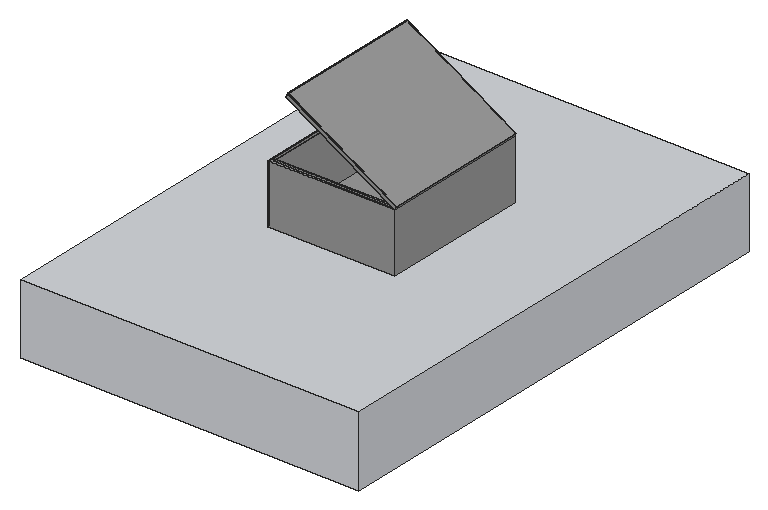
Revit family "Hager-Univers-IP55-D275-H650-Cl.II-Steel_encl-FR-fr", category Equipement électrique, Revit 2020
Family settings
  Hôte = Face
  Configuration du panneau = Deux colonnes, circuits au sein
  Cote de connecteur circulaire = Utiliser le diamètre
  Type d'élément = Tableau de raccordement
  Couper avec des vides une fois chargée = Non
  Partagée = Non
  Point de calcul de pièce = Non
Parameters (values of type "saillie IP55 L550 H650 P275  - FR42S")
  Width Control [instance] = if([EF000008 - largeur] > Min Width, [EF000008 - largeur], Min Width)  # 550 mm
  Commentaires du type = [HG000003 - Gamme]  # "Univers"
  Thickness Door [instance] = if([EF009171 - épaisseur de matériau de la porte/du couvercle] > 3 mm, 3 mm, [EF009171 - épaisseur de matériau de la porte/du couvercle])  # 1.5 mm
  Seal Frame Offset [instance] = 17 mm  # constant formula
  Plinth Visibility [instance] = [HG000027 - Hauteur du socle] > 0 mm  # no
  Model = ""
  Min Width [instance] = 100 mm  # constant formula
  Min Height [instance] = 100 mm  # constant formula
  Min Depth [instance] = (2 * [EF009170 - épaisseur de matériau du boîtier]) + 1 mm  # 4 mm
  Internal Frame Depth [instance] = (Door System Depth * 0.5)  # 9 mm
  Height Control [instance] = if([EF000040 - hauteur] > Min Height, [EF000040 - hauteur], Min Height)  # 650 mm
  HG000027 - Hauteur du socle = 0 mm
  HG000026 - Installation au sol = no
  HG000024 - Hauteur de la section basse = 800 mm
  HG000023 - Armoire double section = no
  HG000016 - Visibilité de la porte 3D [instance] = yes
  HG000015 - Visibilité de l'emprise de la porte [instance] = no
  HG000014 - Porte à droite [instance] = yes
  HG000013 - Porte à gauche [instance] = not([HG000014 - Porte à droite])  # no
  HG000012 - Angle de pivotement de la porte [instance] = 30.00°
  HG000010 - Portes asymétriques = no
  HG000009 - Porte à double battant = no
  HG000006 - Encastré = no
  HG000004 - Référence fabricant = "FR42S"
  HG000003 - Gamme = "Univers"
  HG000002 - avec porte = yes
  Frame Offset Bottom [instance] = 10 mm  # constant formula
  Frame Offset [instance] = 15 mm  # constant formula
  EF015940 - couvercle avec décharge de pression = no
  EF011959 - degré de protection (NEMA) = ""
  EF009554 - nombre d'ouvertures pour plaques à bride = 4
  Fabricant = "Hager"  # constant formula
  EF009212 - finition du couvercle = "EV000116 - fermé"
  EF009171 - épaisseur de matériau de la porte/du couvercle = 1.5 mm
  EF009170 - épaisseur de matériau du boîtier = 1.5 mm
  EF008873 - courant nominal (In) = 800 A
  EF007800 - adapté à un parafoudre = no
  EF006306 - avec serrure = no
  EF006244 - couvercle/porte transparent(e) = no
  EF005474 - indice de protection (IP) = "EV006420 - IP55"
  EF004464 - type de porte = "EV002646 - unique"
  EF004427 - nombre de modules = 96
  EF004293 - indice de protection contre les chocs (IK) = "EV008784 - IK10"
  EF003532 - convient pour utilisation à l’extérieur = no
  EF002950 - largeur en nombre de modules = 24
  EF001613 - maintien de fonction = "EV000494 - sans"
  EF001596 - matériau du boîtier/corps = "EV000179 - acier"
  EF001131 - profondeur intérieure = 275 mm
  EF001088 - possibilité de montage en saillie = yes
  EF000437 - nombre d'entrées de conduit = 4
  EF000339 - type de capot = "EV004216 - porte"
  EF000266 - nombre de rangées = 4
  EF000218 - profondeur d'encastrement = 0 mm
  EF000118 - avec cadre/support de montage = no
  EF000116 - numéro RAL = "7035"
  EF000049 - profondeur = 275 mm
  EF000040 - hauteur = 650 mm
  EF000008 - largeur = 550 mm
  EF000007 - couleur = "EV000270 - gris"
  EF000003 - mode de pose = "EV000384 - saillie"
  Door System Leaf Tolerance [instance] = 1.5 mm  # constant formula
  Door System Depth [instance] = 18 mm  # constant formula
  Door Height [instance] = Height Control - [HG000027 - Hauteur du socle]  # 650 mm
  Depth Control [instance] = if([EF000049 - profondeur] > Min Depth, [EF000049 - profondeur], Min Depth)  # 275 mm
  Default Elevation = 0 mm
  Connector Offset [instance] = Height Control / 2  # 325 mm
  Bottom Top Plate Trim [instance] = 1.5 mm  # constant formula
  Plinth height Ctrl [instance] = if([HG000027 - Hauteur du socle] > 0 mm, [HG000027 - Hauteur du socle], 12 mm)  # 12 mm
Reference planes
  plane 1 "Center (Front/Back)": y = 0
  plane 2: z = 0
  plane 3 "Center (Left/Right)": x = 0
  plane 4: z = 275
  plane 5: y = 1.5
  plane 6: y = 325
  plane 7: y = 0
  plane 8: y = 650
  plane 9: z = 0
  plane 10: x = -260
  plane 11: x = 260
  plane 12: x = 258.5
  plane 13: x = -258.5
  plane 14: y = 648.5
  plane 15: x = -258
  plane 16: x = -275
  plane 17: x = 258
  plane 18: x = 275
  plane 19: x = 273.5
  plane 20: x = -273.5
  plane 21: y = 11.5
  plane 22: y = 650
  plane 23: y = 633.5
  plane 24: z = 257
  plane 25: z = 1.5
  plane 26: z = 255.5
  plane 27: z = 273.5
Forms (mm)
  Extrusion 1, solid
    sketch origin (0, 0, 0) x (1, 0, 0) y (0, 1, 0)
      loop
        line (-702.964, 1305) -> (-702.964, -811.445) -> (766.763, -811.445) -> (766.763, 1305) -> (-702.964, 1305)
    from 0 to -304.8
  Extrusion 2, solid, material "Hager_Steel_RAL7035_Light_Grey", visible <- "Plinth Visibility", detail levels medium+fine
    sketch origin (0, 0, 0) x (1, 0, 0) y (0, 1, 0)
      loop
        line (-275, 0) -> (275, 0) -> (275, 12) -> (-275, 12) -> (-275, 0)
    from 0 to 257
  Extrusion 3, solid, material "Hager_Steel_RAL7035_Light_Grey", detail levels medium+fine
    sketch origin (0, 0, 0) x (1, 0, 0) y (0, 1, 0)
      loop
        line (-275, 0) -> (275, 0) -> (275, 650) -> (-275, 650) -> (-275, 0)
    from 0 to 257
  Extrusion 4, void
    sketch origin (0, 0, 0) x (1, 0, 0) y (0, 1, 0)
      loop
        line (-273.5, 1.5) -> (273.5, 1.5) -> (273.5, 648.5) -> (-273.5, 648.5) -> (-273.5, 1.5)
    from 1.5 to 255.5
  Extrusion 5, void
    sketch origin (-381.607, -4572, 257) x (0, -1, 0) y (-1, 0, 0)
      loop
        line (-4583.5, -123.107) -> (-5205.5, -123.107) -> (-5205.5, -640.107) -> (-4583.5, -640.107) -> (-4583.5, -123.107)
    from 0 to 1.5 <- "EF009170 - épaisseur de matériau du boîtier"
  Extrusion 6, solid, material "Hager_Steel_RAL7035_Light_Grey", detail levels fine
    sketch origin (0, 0, 257) x (1, 0, 0) y (0, 1, 0)
      loop
        line (-258.5, 633.5) -> (-258.5, 11.5) -> (258.5, 11.5) -> (258.5, 633.5) -> (-258.5, 633.5)
      loop
        line (-260, 10) -> (260, 10) -> (260, 635) -> (-260, 635) -> (-260, 10)
    from 0 to 9 <- "Internal Frame Depth"
  Extrusion 7, solid, material "Hager_Steel_RAL7035_Light_Grey", detail levels coarse
    sketch origin (0, 0, 0) x (1, 0, 0) y (0, 1, 0)
      loop
        line (-275, 0) -> (275, 0) -> (275, 650) -> (-275, 650) -> (-275, 0)
    from 0 to 275
  Sweep 8, void
    path in 3D
      loop
        line (-275, 12, 0) -> (275, 12, 0) -> (275, 12, 257) -> (-275, 12, 257) -> (-275, 12, 0)
    profile origin (-275, 12, 128.5) x (-1, 0, 0) y (0, -1, 0)
      loop
        line (0, 0) -> (0, 1.5) -> (-1.5, 1.5)
        arc (-1.5, 1.5) -> (-1.061, 0.439) -> (0, 0) r 1.5
Cuts and joins
  Extrusion 4, Extrusion 5 cuts Extrusion 3
  Sweep 8 cuts Extrusion 2
Lines and regions (mm)
  Masking region 1
    outline origin (0, 0, 0) x (1, 0, 0) y (0, 0, 1)
      loop
        line (-275, 275) -> (-275, 0) -> (275, 0) -> (275, 275) -> (-275, 275)
  Masking region 2, detail levels medium+fine
    outline origin (0, 140, 0) x (0, 1, 0) y (0, 0, 1)
      loop
        line (-140, 0) -> (510, 0) -> (510, 257) -> (-140, 257) -> (-140, 0)
  Masking region 3, not visible, detail levels medium+fine
    outline origin (0, 297.922, 0) x (0, 1, 0) y (0, 0, 1)
      loop
        line (38.578, 0) -> (78.578, 0) -> (78.578, 263.5)
        arc (78.578, 263.5) -> (75.649, 270.571) -> (68.578, 273.5) r 10
        line (68.578, 273.5) -> (38.578, 273.5) -> (38.578, 0)
  Masking region 4, detail levels coarse
    outline origin (0, 0, 180) x (0, 1, 0) y (0, 0, 1)
      loop
        line (0, -180) -> (650, -180) -> (650, 95) -> (0, 95) -> (0, -180)
  Masking region 5, visible <- "Plinth Visibility", detail levels medium+fine
    outline origin (0, 52.24, 12.345) x (0, 0, -1) y (0, 1, 0)
      loop
        line (10.845, -40.24) -> (-243.155, -40.24)
        arc (-243.155, -40.24) -> (-243.594, -41.301) -> (-244.655, -41.74) r 1.5
        line (-244.655, -41.74) -> (-244.655, -52.24) -> (12.345, -52.24) -> (12.345, -41.74)
        arc (12.345, -41.74) -> (11.285, -41.301) -> (10.845, -40.24) r 1.5
  Masking region 6, detail levels medium+fine
    outline origin (-381.607, -4572, 257) x (-1, 0, 0) y (0, -1, 0)
      loop
        line (-106.607, -5222) -> (-106.607, -4572) -> (-656.607, -4572) -> (-656.607, -5222) -> (-106.607, -5222)
  Masking region 7, visible <- "Plinth Visibility", detail levels medium+fine
    outline origin (-381.607, -4727, 257) x (-1, 0, 0) y (0, -1, 0)
      loop
        arc (-108.107, -4739) -> (-107.668, -4737.939) -> (-106.607, -4737.5) r 1.5
        line (-106.607, -4737.5) -> (-106.607, -4727) -> (-656.607, -4727) -> (-656.607, -4737.5)
        arc (-656.607, -4737.5) -> (-655.546, -4737.939) -> (-655.107, -4739) r 1.5
        line (-655.107, -4739) -> (-108.107, -4739)
  Masking region 8, detail levels coarse
    outline origin (-442.548, -4669.526, 257) x (-1, 0, 0) y (0, -1, 0)
      loop
        line (-167.548, -5319.526) -> (-167.548, -4669.526) -> (-717.548, -4669.526) -> (-717.548, -5319.526) -> (-167.548, -5319.526)
  sketch lines
    curve 1: line (-275, 12, 257) -> (-275, 12, 0)
    curve 2: line (275, 12, 257) -> (-275, 12, 257)
    curve 3: line (275, 12, 257) -> (275, 12, 0)
    curve 4: line (-275, 12, 0) -> (275, 12, 0)
Dimensions and locks
  "Depth Control": plane 4 to Extrusion 1
  "HG000027 - Hauteur du socle": plane 1 "Center (Front/Back)" to plane 7
  "EF009170 - épaisseur de matériau du boîtier": plane 5 to plane 7
  locked: connector elem to plane 3 "Center (Left/Right)"
  equal spacing: plane 8, plane 6, plane 7
  locked: connector elem to plane 6
  "EF009170 - épaisseur de matériau du boîtier": plane 8 to plane 14
  "EF009170 - épaisseur de matériau du boîtier": plane 10 to plane 13
  "EF009170 - épaisseur de matériau du boîtier": plane 12 to plane 11
  "Frame Offset": plane 20 to plane 13
  "Frame Offset": plane 12 to plane 19
  "EF009170 - épaisseur de matériau du boîtier": plane 16 to plane 20
  "EF009170 - épaisseur de matériau du boîtier": plane 19 to plane 18
  "Seal Frame Offset": plane 16 to plane 15
  "Seal Frame Offset": plane 17 to plane 18
  "Frame Offset Bottom": plane 21 to plane 5
  "Frame Offset": plane 14 to plane 23
  equal spacing: plane 16, plane 3 "Center (Left/Right)", plane 18
  "Width Control": plane 16 to plane 18
  "EF009170 - épaisseur de matériau du boîtier": plane 4 to plane 27
  "EF009170 - épaisseur de matériau du boîtier": plane 24 to plane 26
  "EF009170 - épaisseur de matériau du boîtier": plane 25 to level
  "Door System Depth": plane 4 to plane 24
  "Height Control": plane 1 "Center (Front/Back)" to Extrusion 7 sketch curve
  "Height Control": Masking region 4 sketch curve to plane 1 "Center (Front/Back)"
  "Height Control": plane 1 "Center (Front/Back)" to plane 22
  "Bottom Top Plate Trim": profile plane to Sweep 8 sketch curve
  "Bottom Top Plate Trim": Sweep 8 sketch curve to profile plane
  "Plinth height Ctrl": plane 1 "Center (Front/Back)" to Extrusion 2 sketch curve
  "Plinth height Ctrl": Masking region 5 sketch curve to plane 1 "Center (Front/Back)"
  "Plinth height Ctrl": plane 1 "Center (Front/Back)" to Masking region 7 sketch curve
  "Thickness Door": Extrusion 6 sketch curve to Extrusion 6 sketch curve  (x3)
  "Thickness Door": cut or joined group of Extrusion 3, Extrusion 4, Extrusion 5 to Extrusion 6 sketch curve
  radius of Masking region 3 sketch curve = 10 mm
  "Bottom Top Plate Trim": radius of Masking region 5 sketch curve  (x2)
  "Bottom Top Plate Trim": radius of Sweep 8 sketch curve
  "Bottom Top Plate Trim": radius of Masking region 7 sketch curve  (x2)
  aligned and locked: plane 2 to Extrusion 1
  aligned and locked: level to Extrusion 1
  aligned and locked: level to Masking region 1 sketch curve
  aligned and locked: Masking region 1 sketch curve to plane 18
  aligned and locked: Masking region 1 sketch curve to plane 16
  aligned and locked: plane 7 to Masking region 2 sketch curve
  aligned and locked: level to Masking region 3 sketch curve
  aligned and locked: Masking region 3 sketch curve to plane 27
  aligned and locked: level to Masking region 2 sketch curve
  aligned and locked: plane 1 "Center (Front/Back)" to Extrusion 2 sketch curve
  aligned and locked: Extrusion 3 sketch curve to plane 7
  aligned and locked: plane 16 to Extrusion 3 sketch curve
  aligned and locked: plane 18 to Extrusion 3 sketch curve
  aligned and locked: plane 20 to Extrusion 4 sketch curve
  aligned and locked: plane 19 to Extrusion 4 sketch curve
  aligned and locked: Extrusion 4 sketch curve to plane 5
  aligned and locked: Extrusion 4 to plane 25
  aligned and locked: plane 26 to Extrusion 4
  aligned and locked: plane 24 to Extrusion 3
  aligned and locked: Extrusion 5 sketch curve to plane 21
  aligned and locked: Extrusion 5 sketch curve to plane 13
  aligned and locked: Extrusion 5 sketch curve to plane 12
  aligned and locked: plane 18 to Extrusion 7 sketch curve
  aligned and locked: plane 1 "Center (Front/Back)" to Extrusion 7 sketch curve
  aligned and locked: plane 16 to Extrusion 7 sketch curve
  aligned and locked: plane 4 to Extrusion 7
  aligned and locked: Extrusion 7 to level
  aligned and locked: level to Masking region 4 sketch curve
  aligned and locked: Masking region 4 sketch curve to plane 1 "Center (Front/Back)"
  aligned and locked: Masking region 4 sketch curve to plane 4
  aligned and locked: nested 1 to level
  aligned and locked: nested 1 to plane 16
  aligned and locked: plane 8 to Extrusion 3 sketch curve
  aligned and locked: plane 23 to Extrusion 5 sketch curve
  aligned and locked: plane 14 to Extrusion 4 sketch curve
  aligned and locked: Masking region 2 sketch curve to plane 8
  aligned and locked: level to Masking region 5 sketch curve
  aligned and locked: plane 16 to Extrusion 2 sketch curve
  aligned and locked: plane 18 to Extrusion 2 sketch curve
  aligned and locked: Masking region 5 sketch curve to plane 24
  aligned and locked: Masking region 2 sketch curve to plane 24
  aligned and locked: plane 24 to Extrusion 2
  aligned and locked: profile plane to Sweep 8 sketch curve  (x2)
  aligned and locked: Masking region 6 sketch curve to plane 18
  aligned and locked: Masking region 6 sketch curve to plane 22
  aligned and locked: Masking region 6 sketch curve to plane 16
  aligned and locked: plane 8 to plane 22
  aligned and locked: plane 7 to Masking region 6 sketch curve
  aligned and locked: Masking region 7 sketch curve to plane 16
  aligned and locked: Masking region 7 sketch curve to plane 1 "Center (Front/Back)"
  aligned and locked: Masking region 7 sketch curve to plane 18
  aligned and locked: Masking region 8 sketch curve to plane 1 "Center (Front/Back)"
  aligned and locked: Masking region 8 sketch curve to plane 18
  aligned and locked: Masking region 8 sketch curve to plane 22
  aligned and locked: Masking region 8 sketch curve to plane 16
  aligned and locked: nested 2 to plane 7
  aligned and locked: plane 3 "Center (Left/Right)" to nested 2
  aligned and locked: nested 2 to plane 24
  aligned and locked: Extrusion 6 sketch curve to cut or joined group of Extrusion 3, Extrusion 4, Extrusion 5  (x4)
Automatic sketch dimensions
  Extrusion 1 sketch curve to Extrusion 1 sketch curve = 1469.727 mm
  Extrusion 1 sketch curve to Extrusion 1 sketch curve = 2116.445 mm
  Masking region 1 sketch curve to plane 4 = 0 mm
  plane 6 to Masking region 3 sketch curve = 11.5 mm
  Masking region 3 sketch curve to Masking region 3 sketch curve = 30 mm
  Masking region 5 sketch curve to plane 1 "Center (Front/Back)" = 0 mm
Nested families
  nested 1: "Hager_Enclosure_Symbol" at (-275, 0, 0) x (1, 0, 0) z (0, -1, 0), Height <- "Depth Control", Width <- "Width Control", type "Hager_Enclosure_Symbol"
    with Width_Ctrl 550 mm, Width 550 mm, Height_Ctrl 275 mm, Height 275 mm, A_Width_Int 18.047 mm, A_Width 216.562 mm, A_Height_Ctrl 240.625 mm, A_Height 240.625 mm
  nested 2: "EC000058_Univers_Door" at (0, 0, 257) x (1, 0, 0) z (0, 1, 0), Leaf_Tolerance <- "Door System Leaf Tolerance", Angle <- "HG000012 - Angle de pivotement de la porte", Door_Depth <- "Door System Depth", Door_Left <- "HG000013 - Porte à gauche", Transparent <- "EF006244 - couvercle/porte transparent(e)", Assymetrical <- "HG000010 - Portes asymétriques", Width <- "Width Control", Clearance <- "HG000015 - Visibilité de l'emprise de la porte", Double <- "HG000009 - Porte à double battant", 3d_Door <- "HG000016 - Visibilité de la porte 3D", Lock_Visibility <- "EF006306 - avec serrure", Width_Ctrl <- "Width Control", Door_Right <- "HG000014 - Porte à droite", Door <- "HG000002 - avec porte", Height <- "Door Height", Thickness <- "Thickness Door", type "EC000058_Univers_Door", detail levels medium+fine
    with min_wh 4 mm, Width_Ctrl 550 mm, Width 550 mm, Transparent no, Thickness 1.5 mm, Seal_Material Hager_Rubber, Lock_Visibility no, Lock_Material Hager_Plastic_RAL9005_Jet_Black, Leaf_Width 550 mm, Leaf_Tolerance_External_Sides 0 mm, Leaf_Tolerance 1.5 mm, Leaf_Offset 0 mm, Leaf_Height 647 mm, Leaf_2_Width 550 mm, Leaf_2_Offset 275 mm, Leaf_1_Width 550 mm, Leaf_1_Offset 275 mm, Height_Ctrl 650 mm, Height 650 mm, Glass_Material Hager_Glass, Double_Clearance_Ctrl no, Double no, Door_Right_Ctrl yes, Door_Right yes, Door_Material Hager_Steel_RAL7035_Light_Grey, Door_Left_Ctrl no, Door_Left no, Door_Depth 18 mm, Door yes, Clearance_Material Hager_Clearance, Clearance_Depth 550 mm, Clearance_Ctrl no, Clearance no, Assymetrical no, Angle 30.00°, 3d_Door yes
Connectors
  electrical at (0, 325, 0)
    settings: on plane 9, index 1, voltage 0 V, apparent load 0 VA, apparent load phase1 0 VA, apparent load phase2 0 VA, apparent load phase3 0 VA, power factor 1, load classification "Other", number of poles 1, system type 30, power factor state 1, is connector primary yes, connector utility no, sub classification motor no, connector description ""
Definition of nested family "EC000058_Univers_Door"
  Parameters (values of type "EC000058_Univers_Door")
    min_wh [instance] = (2 * Thickness) + 1 mm  # 11 mm
    Width_Ctrl [instance] = 400 mm
    Width [instance] = 500 mm
    Transparent [instance] = yes
    Thickness [instance] = 5 mm
    Seal_Material [instance] = none
    Lock_Visibility [instance] = yes
    Lock_Material [instance] = none
    Leaf_Width [instance] = if((Width_Ctrl - 2 * Leaf_Tolerance_External_Sides) > 0 mm, (Width_Ctrl - 2 * Leaf_Tolerance_External_Sides), min_wh)  # 400 mm
    Leaf_Tolerance_External_Sides [instance] = 0 mm  # constant formula
    Leaf_Tolerance [instance] = 1.5 mm
    Leaf_Offset [instance] = 0 mm  # constant formula
    Leaf_Height [instance] = if((Height_Ctrl - 2 * Leaf_Tolerance) > 0 mm, (Height_Ctrl - 2 * Leaf_Tolerance), min_wh)  # 497 mm
    Leaf_2_Width [instance] = if(and(and(Double, Assymetrical), Door_Left), (Leaf_Width / 3) - (Leaf_Tolerance / 2), if(and(and(Double, Assymetrical), Door_Right), (Leaf_Width / 3) * 2 - (Leaf_Tolerance / 2), if(and(Double, not(Assymetrical)), (Leaf_Width / 2) - Leaf_Tolerance, Leaf_Width)))  # 400 mm
    Leaf_2_Offset [instance] = if(and(Double, Assymetrical), Leaf_2_Width / 2, if(and(Double, not(Assymetrical)), Leaf_Width / 4, Leaf_Width / 2))  # 200 mm
    Leaf_1_Width [instance] = if(and(and(Double, Assymetrical), Door_Right), (Leaf_Width / 3) - (Leaf_Tolerance / 2), if(and(and(Double, Assymetrical), Door_Left), (Width / 3) * 2 - (Leaf_Tolerance / 2), if(and(Double, not(Assymetrical)), (Leaf_Width / 2) - Leaf_Tolerance, Leaf_Width)))  # 400 mm
    Leaf_1_Offset [instance] = if(and(Double, Assymetrical), Leaf_1_Width / 2, if(and(Double, not(Assymetrical)), Leaf_Width / 4, Leaf_Width / 2))  # 200 mm
    Height_Ctrl [instance] = if(Height > min_wh, Height, min_wh)  # 500 mm
    Height [instance] = 500 mm
    Glass_Material [instance] = none
    Double_Clearance_Ctrl [instance] = and(Double, Clearance)  # no
    Double [instance] = no
    Door_Right_Ctrl [instance] = and(or(Door_Right, Double), Door)  # yes
    Door_Right [instance] = yes
    Door_Material [instance] = none
    Door_Left_Ctrl [instance] = and(or(Door_Left, Double), Door)  # no
    Door_Left [instance] = no
    Door_Depth [instance] = 30 mm
    Door [instance] = yes
    Default Elevation = 1219.2 mm
    Clearance_Material [instance] = none
    Clearance_Depth [instance] = if(Leaf_1_Width > Leaf_2_Width, Leaf_1_Width, Leaf_2_Width)  # 400 mm
    Clearance_Ctrl [instance] = and(not(Double), Clearance)  # yes
    Clearance [instance] = yes
    Assymetrical [instance] = yes
    Angle [instance] = 30.00°
    3d_Door [instance] = yes
  Reference planes
    plane 1 "Center (Front/Back)": y = 0
    plane 2 "Bottom": z = 0
    plane 3 "Center (Left/Right)": x = 0
    plane 4: z = 500
    plane 5: x = -200
    plane 6: x = 200
    plane 7: z = 500
    plane 8: x = -200
    plane 9: z = 0
    plane 10: x = 200
    plane 11: y = 0
    plane 12: z = 1.5
    plane 13: x = -600
    plane 14: y = -400
    plane 15: x = 600
    plane 16: x = 0
    plane 17: x = 0
    plane 18: x = -200
    plane 19: x = 200
    plane 20: z = 498.5
  Forms (mm)
    Extrusion 1, solid, material <- "Clearance_Material", visible <- "Double_Clearance_Ctrl"
      sketch origin (1200, 0, 0) x (1, 0, 0) y (0, 0, -1)
        loop
          line (-1800, -498.5) -> (-600, -498.5) -> (-600, 0) -> (-1800, 0) -> (-1800, -498.5)
      from 0 to -400
  Dimensions and locks
    equal spacing: plane 5, plane 3 "Center (Left/Right)", plane 6
    "Width_Ctrl": plane 5 to plane 6
    "Leaf_Offset": plane 5 to plane 8
    "Leaf_Offset": plane 6 to plane 10
    "Leaf_Offset": plane 9 to level
    "Leaf_Offset": plane 4 to plane 7
    "Height_Ctrl": plane 4 to level
    "Leaf_Tolerance": plane 12 to plane 9
    locked: plane 11 to plane 1 "Center (Front/Back)"
    "Leaf_1_Offset": plane 18 to plane 16
    "Leaf_2_Offset": plane 17 to plane 19
    "Leaf_1_Width": plane 13 to plane 8
    "Leaf_2_Width": plane 10 to plane 15
    "Clearance_Depth": plane 14 to plane 1 "Center (Front/Back)"
    "Leaf_Tolerance_External_Sides": plane 8 to plane 18
    "Leaf_Tolerance_External_Sides": plane 19 to plane 10
    "Leaf_Tolerance": plane 7 to plane 20
    aligned and locked: level to plane 2 "Bottom"
    aligned and locked: nested 1 to plane 16
    aligned and locked: nested 2 to plane 17
    aligned and locked: Extrusion 1 to plane 13
    aligned and locked: plane 15 to Extrusion 1
    aligned and locked: Extrusion 1 to plane 14
    aligned and locked: plane 12 to nested 1
    aligned and locked: nested 2 to plane 12
    aligned and locked: Extrusion 1 to plane 11
    aligned and locked: plane 20 to Extrusion 1
    aligned and locked: nested 2 to plane 11
    aligned and locked: nested 1 to plane 11
  Automatic sketch dimensions
    Extrusion 1 sketch curve to level = 0 mm
    plane 5 to Extrusion 1 sketch curve = 400 mm
    plane 6 to Extrusion 1 sketch curve = 400 mm
    Extrusion 1 sketch curve to plane 4 = 1.5 mm
  Nested families
    nested 1: "EC000058_Univers_Door_Leaf" at (0, 0, 1.5), Width <- "Leaf_1_Width", visible <- "Door_Left_Ctrl", Leaf_Height <- "Leaf_Height", Angle <- "Angle", 3d_Door <- "3d_Door", Transparent <- "Transparent", Clearance Material <- "Clearance_Material", Clearance <- "Clearance_Ctrl", Door_Material <- "Door_Material", Glass_Material <- "Glass_Material", Door_Depth <- "Door_Depth", Lock_Material <- "Lock_Material", Seal_Material <- "Seal_Material", Lock_Visibility <- "Lock_Visibility", Thickness <- "Thickness", type "EC000058_Univers_Door_Leaf"
      with Width 400 mm, Transparent_Glass_Offset 30 mm, Transparent_Ctrl yes, Transparent yes, Thickness 5 mm, Standard no, Seal_Material none, Seal_D2 8 mm, Seal_D1 1 mm, Offset_Internal_Frame 10 mm, Lock_Width 20 mm, Lock_Visibility_3d yes, Lock_Visibility yes, Lock_Thickness_3 3 mm, Lock_Thickness_2 1 mm, Lock_Thickness_1 3 mm, Lock_Radius_Offset_2 16 mm, Lock_Radius_Offset_1 15 mm, Lock_Radius_2 5 mm, Lock_Radius 6 mm, Lock_Offset 5 mm, Lock_Material none, Lock_Height 80 mm, Lock_Cover_Top_Offset_2d 17 mm, Lock_Cover_Height -65 mm, Leaf_Height 497 mm, Internal_Seal_Thickness 8 mm, Internal_Seal_Depth_2 4.5 mm, Internal_Frame_Depth 25 mm, Glass_Thickness -1 mm, Glass_Offset -2 mm, Glass_Material none, Door_Material none, Door_Depth 30 mm, Clearance Material none, Clearance yes, Angle_Ctrl 30.00°, Angle 30.00°, 3d_Door yes
    nested 2: "EC000058_Univers_Door_Leaf" at (0, 0, 1.5) x (-1, 0, 0) z (0, 0, 1), Width <- "Leaf_2_Width", visible <- "Door_Right_Ctrl", Leaf_Height <- "Leaf_Height", Angle <- "Angle", 3d_Door <- "3d_Door", Transparent <- "Transparent", Clearance Material <- "Clearance_Material", Clearance <- "Clearance_Ctrl", Door_Material <- "Door_Material", Glass_Material <- "Glass_Material", Door_Depth <- "Door_Depth", Lock_Material <- "Lock_Material", Seal_Material <- "Seal_Material", Lock_Visibility <- "Lock_Visibility", Thickness <- "Thickness", type "EC000058_Univers_Door_Leaf"
      with Width 400 mm, Transparent_Glass_Offset 30 mm, Transparent_Ctrl yes, Transparent yes, Thickness 5 mm, Standard no, Seal_Material none, Seal_D2 8 mm, Seal_D1 1 mm, Offset_Internal_Frame 10 mm, Lock_Width 20 mm, Lock_Visibility_3d yes, Lock_Visibility yes, Lock_Thickness_3 3 mm, Lock_Thickness_2 1 mm, Lock_Thickness_1 3 mm, Lock_Radius_Offset_2 16 mm, Lock_Radius_Offset_1 15 mm, Lock_Radius_2 5 mm, Lock_Radius 6 mm, Lock_Offset 5 mm, Lock_Material none, Lock_Height 80 mm, Lock_Cover_Top_Offset_2d 17 mm, Lock_Cover_Height -65 mm, Leaf_Height 497 mm, Internal_Seal_Thickness 8 mm, Internal_Seal_Depth_2 4.5 mm, Internal_Frame_Depth 25 mm, Glass_Thickness -1 mm, Glass_Offset -2 mm, Glass_Material none, Door_Material none, Door_Depth 30 mm, Clearance Material none, Clearance yes, Angle_Ctrl 30.00°, Angle 30.00°, 3d_Door yes
  Definition of nested family "EC000058_Univers_Door_Leaf"
    Parameters (values of type "EC000058_Univers_Door_Leaf")
      Width [instance] = 2000 mm
      Transparent_Glass_Offset [instance] = 30 mm
      Transparent_Ctrl [instance] = and(Transparent, [3d_Door])  # yes
      Transparent [instance] = yes
      Thickness [instance] = 5 mm
      Standard [instance] = and(not(Transparent), [3d_Door])  # no
      Seal_Material [instance] = none
      Seal_D2 [instance] = 8 mm  # constant formula
      Seal_D1 [instance] = 1 mm  # constant formula
      Offset_Internal_Frame [instance] = 10 mm  # constant formula
      Lock_Width [instance] = 20 mm  # constant formula
      Lock_Visibility_3d [instance] = and(Lock_Visibility, [3d_Door])  # yes
      Lock_Visibility [instance] = yes
      Lock_Thickness_3 [instance] = 3 mm  # constant formula
      Lock_Thickness_2 [instance] = 1 mm  # constant formula
      Lock_Thickness_1 [instance] = 3 mm  # constant formula
      Lock_Radius_Offset_2 [instance] = Lock_Radius_Offset_1 + 1 mm  # 16 mm
      Lock_Radius_Offset_1 [instance] = 15 mm  # constant formula
      Lock_Radius_2 [instance] = Lock_Radius - 1 mm  # 5 mm
      Lock_Radius [instance] = 6 mm  # constant formula
      Lock_Offset [instance] = 5 mm  # constant formula
      Lock_Material [instance] = none
      Lock_Height [instance] = 80 mm  # constant formula
      Lock_Cover_Top_Offset_2d [instance] = Lock_Radius_Offset_2 + 1 mm  # 17 mm
      Lock_Cover_Height [instance] = -(Lock_Height - Lock_Radius_Offset_1)  # -65 mm
      Leaf_Height [instance] = 2720.336 mm
      Internal_Seal_Thickness [instance] = 8 mm  # constant formula
      Internal_Seal_Depth_2 [instance] = 4.5 mm  # constant formula
      Internal_Frame_Depth [instance] = if(Door_Depth - Thickness > 5 mm, Door_Depth - Thickness, 5 mm)  # 25 mm
      Glass_Thickness [instance] = if(Thickness > 15 mm, Glass_Offset + 10 mm, -1 mm)  # -1 mm
      Glass_Offset [instance] = if(Thickness > 15 mm, -(Thickness + 10 mm) / 2, -2 mm)  # -2 mm
      Glass_Material [instance] = none
      Door_Material [instance] = none
      Door_Depth [instance] = 30 mm
      Default Elevation = 0 mm
      Clearance Material [instance] = none
      Clearance [instance] = yes
      Angle_Ctrl [instance] = if(Angle > 180.00°, 180.00°, Angle)  # 90.00°
      Angle [instance] = 90.00°
      3d_Door [instance] = yes
    Reference planes
      plane 1 "Center (Front/Back)": y = 0
      plane 2: z = 0
      plane 3 "Center (Left/Right)": x = 0
      plane 4: y = 2000
      plane 5: x = -1000
      plane 6: x = 1000
      plane 7: x = -3000
      plane 8: z = 2720.336
      plane 9: z = 30
      plane 10: z = 2690.336
      plane 11: x = 970
      plane 12: x = -970
      plane 13: y = -3
      plane 14: z = 107.833
      plane 15: y = -5
      plane 16: y = -223.314
      plane 17: x = -1000
      plane 18: z = 1360.168
      plane 19: y = 30
    Forms (mm)
      Extrusion 1, solid, material <- "Clearance Material", visible <- "Clearance"
        sketch origin (0, 0, 0) x (1, 0, 0) y (0, 0, 1)
          loop
            line (-3000, 2720.336) -> (-3000, 0) -> (1000, 0) -> (1000, 2720.336) -> (-3000, 2720.336)
        from 0 to -2000
      Extrusion 2, solid, material <- "Door_Material", visible <- "Standard", detail levels medium+fine
        sketch origin (-1000, 0, 0) x (0, 1, 0) y (-1, 0, 0)
          loop
            line (0, 30) -> (0, 25) -> (2000, 25) -> (2000, 30) -> (0, 30)
        from 0 to 2720.336 <- "Leaf_Height"
      Extrusion 3, solid, material <- "Door_Material", visible <- "Transparent_Ctrl", detail levels medium+fine
        sketch origin (-1000, 0, 0) x (0, 1, 0) y (-1, 0, 0)
          loop
            line (0, 25) -> (2000, 25) -> (2000, 30) -> (0, 30) -> (0, 25)
        from 0 to 2720.336 <- "Leaf_Height"
      Extrusion 4, void
        sketch origin (-1025, 2000, 0) x (0, 1, 0) y (0, 0, -1)
          loop
            line (-30, -2690.336) -> (-30, -30) -> (-1970, -30) -> (-1970, -2690.336) -> (-30, -2690.336)
        from 0 to 5 <- "Thickness"
      Sweep 5, solid, material <- "Seal_Material", visible <- "Transparent_Ctrl", detail levels fine
        path in 3D
          loop
            line (-1025, 30, 30) -> (-1025, 30, 2690.336) -> (-1025, 1970, 2690.336) -> (-1025, 1970, 30) -> (-1025, 30, 30)
        profile origin (-1025, 1000, 30) x (1, 0, 0) y (0, 0, 1)
          loop
            line (0, 0) -> (0, -8) -> (1, -8) -> (1, 0) -> (0, 0)
      Extrusion 6, solid, material <- "Glass_Material", visible <- "Transparent_Ctrl", detail levels medium+fine
        sketch origin (-1030, 0, 0) x (0, 1, 0) y (0, 0, -1)
          loop
            line (1970, -2690.336) -> (1970, -30) -> (30, -30) -> (30, -2690.336) -> (1970, -2690.336)
        from -2 <- "Glass_Offset" to -1 <- "Glass_Thickness"
      Extrusion 7, solid, material <- "Door_Material", visible <- "3d_Door", detail levels medium+fine
        sketch origin (-1025, 2000, 0) x (0, -1, 0) y (0, 0, -1)
          loop
            line (0, -2720.336) -> (2000, -2720.336) -> (2000, 0) -> (0, 0) -> (0, -2720.336)
          loop
            line (1995, -5) -> (5, -5) -> (5, -2715.336) -> (1995, -2715.336) -> (1995, -5)
        from 0 to 25 <- "Internal_Frame_Depth"
      Sweep 8, solid, material <- "Seal_Material", visible <- "Transparent_Ctrl", detail levels fine
        path in 3D
          loop
            line (-1025, 0, 0) -> (-1025, 2000, 0) -> (-1025, 2000, 2720.336) -> (-1025, 0, 2720.336) -> (-1025, 0, 0)
        profile origin (-1025, 0, 1360.168) x (1, 0, 0) y (0, 1, 0)
          loop
            line (0, 10) -> (2.975, 10)
            arc (2.975, 10) -> (4.053, 10.447) -> (4.5, 11.525) r 1.525
            line (4.5, 11.525) -> (4.5, 16.527)
            arc (4.5, 16.527) -> (4.069, 17.569) -> (3.027, 18) r 1.473
            line (3.027, 18) -> (0, 18) -> (0, 10)
      Extrusion 9, solid, material <- "Lock_Material", visible <- "Lock_Visibility_3d", detail levels fine
        sketch origin (-1030, 0, 0) x (0, 1, 0) y (0, 0, -1)
          loop
            arc (1993.5, -1400.168) -> (1994.561, -1399.729) -> (1995, -1398.668) r 1.5
            line (1995, -1398.668) -> (1995, -1320.168) -> (1975, -1320.168) -> (1975, -1398.668)
            arc (1975, -1398.668) -> (1975.439, -1399.729) -> (1976.5, -1400.168) r 1.5
            line (1976.5, -1400.168) -> (1993.5, -1400.168)
        from 3 <- "Lock_Thickness_1" to 0
      Blend 10, solid, material <- "Lock_Material", visible <- "Lock_Visibility_3d", detail levels fine
        base sketch origin (-1033, 0, 0) x (0, 1, 0) y (0, 0, -1)
          loop
            line (1975, -1320.168) -> (1975, -1398.668)
            arc (1975, -1398.668) -> (1975.439, -1399.729) -> (1976.5, -1400.168) r 1.5
            line (1976.5, -1400.168) -> (1993.5, -1400.168)
            arc (1993.5, -1400.168) -> (1994.561, -1399.729) -> (1995, -1398.668) r 1.5
            line (1995, -1398.668) -> (1995, -1320.168) -> (1975, -1320.168)
        top sketch origin (-1033, 0, 0) x (0, 1, 0) y (0, 0, -1)
          loop
            line (1976, -1320.168) -> (1976, -1398.668)
            arc (1976, -1398.668) -> (1976.146, -1399.022) -> (1976.5, -1399.168) r 0.5
            line (1976.5, -1399.168) -> (1993.5, -1399.168)
            arc (1993.5, -1399.168) -> (1993.854, -1399.022) -> (1994, -1398.668) r 0.5
            line (1994, -1398.668) -> (1994, -1320.168) -> (1976, -1320.168)
        from 0 to 1 <- "Lock_Thickness_2"
      Blend 11, solid, material <- "Lock_Material", visible <- "Lock_Visibility_3d", detail levels fine
        base sketch origin (-1034, 0, 0) x (0, 1, 0) y (0, 0, -1)
          loop
            line (1978, -1320.168) -> (1978, -1384.168)
            arc (1978, -1384.168) -> (1985, -1391.168) -> (1992, -1384.168) r 7
            line (1992, -1384.168) -> (1992, -1320.168) -> (1978, -1320.168)
        top sketch origin (-1034, 0, 0) x (0, 1, 0) y (0, 0, -1)
          loop
            line (1991, -1320.168) -> (1979, -1320.168) -> (1979, -1383.168)
            arc (1979, -1383.168) -> (1985, -1389.168) -> (1991, -1383.168) r 6
            line (1991, -1383.168) -> (1991, -1320.168)
        from 0 to 3 <- "Lock_Thickness_3"
      Extrusion 12, solid, material <- "Lock_Material", visible <- "Lock_Visibility_3d", detail levels fine
        sketch origin (-1030, 1975, 1320.168) x (1, 0, 0) y (0, -1, 0)
          loop
            line (-7, -19) -> (-7, -1) -> (0, -1) -> (0, 0) -> (-8, 0) -> (-8, -20) -> (0, -20) -> (0, -19) -> (-7, -19)
        from 0 to -65 <- "Lock_Cover_Height"
      Extrusion 13, void
        sketch origin (-1038, 1995, 1320.168) x (-1, 0, 0) y (0, 0, -1)
          loop
            line (-5, -65) -> (0, -65) -> (-5, -60) -> (-5, -65)
        from 0 to 20 <- "Lock_Width"
      Extrusion 14, void
        sketch origin (-1038, 1975, 1320.168) x (0, -1, 0) y (0, 0, -1)
          loop
            circle (-10, -15.995) r 6
          loop
            circle (-10, -15.995) r 5
        from 0 to 2
      Extrusion 15, solid, material <- "Lock_Material", visible <- "Lock_Visibility_3d", detail levels medium
        sketch origin (-1030, 0, 0) x (0, 1, 0) y (0, 0, -1)
          loop
            arc (1993.5, -1400.168) -> (1994.561, -1399.729) -> (1995, -1398.668) r 1.5
            line (1995, -1398.668) -> (1995, -1320.168) -> (1975, -1320.168) -> (1975, -1398.668)
            arc (1975, -1398.668) -> (1975.439, -1399.729) -> (1976.5, -1400.168) r 1.5
            line (1976.5, -1400.168) -> (1993.5, -1400.168)
        from 8 to 0
    Cuts and joins
      Extrusion 4 cuts Extrusion 3
      Extrusion 13, Extrusion 14 cuts Extrusion 9
      Extrusion 14 cuts Blend 11
      Extrusion 13, Extrusion 14 cuts Extrusion 12
      joined: Extrusion 9, Blend 10, Blend 11, Extrusion 12
      Extrusion 14 cuts Extrusion 15
    Lines and regions (mm)
      Masking region 1, visible <- "Lock_Visibility", detail levels fine
        outline origin (0, 0, 0) x (0, 1, 0) y (0, 0, 1)
          loop
            line (30, 1320.168) -> (33, 1320.168) -> (33, 1400.168) -> (30, 1400.168) -> (30, 1320.168)
      Masking region 2, visible <- "Lock_Visibility", detail levels fine
        outline origin (0, 3.143, 0) x (0, 1, 0) y (0, 0, 1)
          loop
            line (29.857, 1354.168) -> (30.857, 1354.168) -> (30.857, 1366.168) -> (29.857, 1366.168) -> (29.857, 1354.168)
      Masking region 3, detail levels medium+fine
        outline origin (0, 0, 0) x (0, 1, 0) y (0, 0, 1)
          loop
            line (0, 0) -> (30, 0) -> (30, 2720.336) -> (0, 2720.336) -> (0, 0)
      Masking region 4, detail levels medium+fine
        outline origin (0, 0, 0) x (1, 0, 0) y (0, 0, 1)
          loop
            line (-1000, 2720.336) -> (-1000, 0) -> (1000, 0) -> (1000, 2720.336) -> (-1000, 2720.336)
      Masking region 5, visible <- "Lock_Visibility", detail levels fine
        outline origin (-47.116, 0, 0) x (1, 0, 0) y (0, 0, 1)
          loop
            arc (1024.616, 1399.168) -> (1023.556, 1398.729) -> (1023.116, 1397.668) r 1.5
            line (1023.116, 1397.668) -> (1023.116, 1320.168) -> (1041.116, 1320.168) -> (1041.116, 1397.668)
            arc (1041.116, 1397.668) -> (1040.677, 1398.729) -> (1039.616, 1399.168) r 1.5
            line (1039.616, 1399.168) -> (1024.616, 1399.168)
      Masking region 6, visible <- "Lock_Visibility", detail levels medium+fine
        outline origin (-25, 0, 0) x (1, 0, 0) y (0, 0, 1)
          loop
            arc (1001.5, 1400.168) -> (1000.439, 1399.729) -> (1000, 1398.668) r 1.5
            line (1000, 1398.668) -> (1000, 1320.168) -> (1020, 1320.168) -> (1020, 1398.668)
            arc (1020, 1398.668) -> (1019.561, 1399.729) -> (1018.5, 1400.168) r 1.5
            line (1018.5, 1400.168) -> (1001.5, 1400.168)
      Masking region 7, visible <- "Lock_Visibility", detail levels fine
        outline origin (-73.735, 0, 0) x (1, 0, 0) y (0, 0, 1)
          loop
            line (1051.735, 1382.168) -> (1065.735, 1382.168) -> (1065.735, 1384.168)
            arc (1065.735, 1384.168) -> (1058.735, 1391.168) -> (1051.735, 1384.168) r 7
            line (1051.735, 1384.168) -> (1051.735, 1382.168)
      Masking region 8, visible <- "Lock_Visibility", detail levels fine
        outline origin (-73.735, 0, 0) x (1, 0, 0) y (0, 0, 1)
          loop
            line (1052.735, 1382.168) -> (1064.735, 1382.168) -> (1064.735, 1383.168)
            arc (1064.735, 1383.168) -> (1058.735, 1389.168) -> (1052.735, 1383.168) r 6
            line (1052.735, 1383.168) -> (1052.735, 1382.168)
      Masking region 9, visible <- "Lock_Visibility", detail levels fine
        outline origin (-25, 0, 0) x (1, 0, 0) y (0, 0, 1)
          loop
            line (1020, 1320.168) -> (1020, 1382.168) -> (1000, 1382.168) -> (1000, 1320.168) -> (1020, 1320.168)
      Masking region 10, detail levels medium+fine
        outline origin (0, 0, 0) x (1, 0, 0) y (0, 0, 1)
          loop
            circle (985, 1335.144) r 6
      Masking region 11, detail levels fine
        outline origin (0, 0, 0) x (1, 0, 0) y (0, 0, 1)
          loop
            circle (985, 1335.144) r 5
      Masking region 12, visible <- "Lock_Visibility", detail levels fine
        outline origin (0, 12.767, 0) x (0, 1, 0) y (0, 0, 1)
          loop
            line (20.233, 1320.168) -> (21.233, 1320.168) -> (21.233, 1399.168) -> (20.233, 1400.168) -> (20.233, 1320.168)
      Masking region 13, visible <- "Lock_Visibility", detail levels fine
        outline origin (0, 13.767, -10) x (0, 1, 0) y (0, 0, 1)
          loop
            line (20.233, 1330.168) -> (23.233, 1330.168) -> (23.233, 1399.168) -> (20.233, 1402.168) -> (20.233, 1330.168)
      Masking region 14, visible <- "Lock_Visibility", detail levels fine
        outline origin (0, 12.767, -10) x (0, 1, 0) y (0, 0, 1)
          loop
            line (20.233, 1330.168) -> (25.233, 1330.168) -> (25.233, 1399.305) -> (20.233, 1394.305) -> (20.233, 1330.168)
      Masking region 15, visible <- "Lock_Visibility", detail levels medium
        outline origin (0, 0, 0) x (0, 1, 0) y (0, 0, 1)
          loop
            line (30, 1320.168) -> (38, 1320.168) -> (38, 1400.168) -> (30, 1400.168) -> (30, 1320.168)
      Masking region 16, visible <- "Lock_Visibility", detail levels fine
        outline origin (-1000, 0, 0) x (0, 1, 0) y (-1, 0, 0)
          loop
            line (1975, 30) -> (1995, 30) -> (1995, 38) -> (1975, 38) -> (1975, 30)
          loop
            line (1979, 37) -> (1976, 37) -> (1976, 34) -> (1978, 34) -> (1979, 37)
          loop
            line (1994, 37) -> (1991, 37) -> (1992, 34) -> (1994, 34) -> (1994, 37)
      Masking region 17, visible <- "Lock_Visibility", detail levels medium
        outline origin (-1000, 0, 0) x (0, 1, 0) y (-1, 0, 0)
          loop
            line (1975, 30) -> (1995, 30) -> (1995, 38) -> (1975, 38) -> (1975, 30)
      symbolic lines
        curve 1: line (1000, 0, 0) -> (-3000, 0, 0)
        curve 2: arc (1000, 0, 0) -> (-1000, 2000, 0) -> (-3000, 0, 0) r 2000
        curve 4: line (-1030, 0, 0) -> (-1030, 2000, 0)
      reference lines
        curve 3: line (-1000, 0, 0) -> (-1000, 2000, 0)
      symbolic lines, detail levels medium+fine
        curve 5: line (-1030, 2000, 0) -> (-1025, 2000, 0)
        curve 7: line (-1025, 0, 0) -> (-1030, 0, 0)
        curve 8: line (-1025, 0, 0) -> (-1000, 0, 0)
        curve 9: line (-1000, 0, 0) -> (-1000, 2000, 0)
        curve 10: line (-1000, 2000, 0) -> (-1025, 2000, 0)
      symbolic lines, detail levels fine
        curve 6: line (-1025, 2000, 0) -> (-1025, 0, 0)
      sketch lines
        curve 11: line (-1025, 0, 2720.336) -> (-1025, 0, 0)
        curve 12: line (-1025, 2000, 0) -> (-1025, 0, 0)
        curve 13: line (-1025, 2000, 2720.336) -> (-1025, 2000, 0)
        curve 14: line (-1025, 0, 2720.336) -> (-1025, 2000, 2720.336)
        curve 15: line (-1025, 1970, 30) -> (-1025, 30, 30)
        curve 16: line (-1025, 30, 30) -> (-1025, 30, 2690.336)
        curve 17: line (-1025, 1970, 2690.336) -> (-1025, 1970, 30)
        curve 18: line (-1025, 30, 2690.336) -> (-1025, 1970, 2690.336)
      symbolic lines, visible <- "Transparent", detail levels medium+fine
        curve 19: line (-970, 0, 2690.336) -> (970, 0, 2690.336)
        curve 20: line (-970, 0, 30) -> (-970, 0, 2690.336)
        curve 21: line (970, 0, 30) -> (-970, 0, 30)
        curve 22: line (970, 0, 2690.336) -> (970, 0, 30)
    Dimensions and locks
      "Width": plane 1 "Center (Front/Back)" to plane 4
      equal spacing: plane 5, plane 3 "Center (Left/Right)", plane 6
      "Width": plane 5 to plane 6
      "Width": plane 7 to plane 5
      "Leaf_Height": plane 8 to level
      "Width": curve 5 to curve 3
      "Width": curve 3 to curve 3
      plane 8 to plane 10 = 30 mm
      plane 9 to level = 30 mm
      plane 12 to plane 5 = 30 mm
      plane 6 to plane 11 = 30 mm
      Extrusion 1 to Extrusion 4 sketch curve = 30 mm
      "Transparent_Glass_Offset": curve 3 to Extrusion 4 sketch curve
      "Transparent_Glass_Offset": Extrusion 4 sketch curve to cut or joined group of Extrusion 3, Extrusion 4  (x2)
      cut or joined group of Extrusion 3, Extrusion 4 to Extrusion 6 sketch curve = 30 mm
      "Transparent_Glass_Offset": cut or joined group of Extrusion 3, Extrusion 4 to Extrusion 4 sketch curve
      "Thickness": curve 6 to curve 4
      "Thickness": Extrusion 7 sketch curve to Extrusion 7 sketch curve  (x4)
      "Door_Depth": curve 4 to curve 3
      "Offset_Internal_Frame": profile plane to Sweep 8 sketch curve
      "Internal_Seal_Thickness": Sweep 8 sketch curve to Sweep 8 sketch curve
      "Internal_Seal_Depth_2": profile plane to Sweep 8 sketch curve
      "Seal_D1": profile plane to Sweep 5 sketch curve
      "Seal_D2": profile plane to Sweep 5 sketch curve
      "Thickness": Extrusion 2 sketch curve to Extrusion 2 sketch curve
      equal spacing: Extrusion 9 sketch curve, plane 18, Extrusion 9 sketch curve  (x2)
      equal spacing: Masking region 1 sketch curve, plane 18, Masking region 1 sketch curve
      "Lock_Height": Masking region 1 sketch curve to Masking region 1 sketch curve
      "Lock_Radius": Masking region 2 sketch curve to plane 18 to Masking region 2 sketch curve
      Masking region 2 sketch curve to Masking region 1 = 1 mm
      "Door_Depth": plane 19 to plane 1 "Center (Front/Back)"
      "Lock_Thickness_1": Masking region 1 sketch curve to plane 19
      "Lock_Width": Extrusion 9 sketch curve to Extrusion 9 sketch curve
      "Lock_Height": Extrusion 9 sketch curve to Extrusion 9 sketch curve
      "Lock_Offset": cut or joined group of Extrusion 3, Extrusion 4 to Extrusion 9 sketch curve
      equal spacing: plane 8, plane 18, level
      "Lock_Radius_Offset_1": Blend 11 sketch curve to Blend 10
      locked: Blend 10 to Blend 11 sketch curve at 2  (x2)
      locked: var sketch to Blend 11 sketch curve at 1  (x2)
      "Lock_Radius_Offset_2": Blend 11 sketch curve to Blend 10
      locked: Extrusion 12 sketch curve to Extrusion 12 sketch curve at 1  (x3)
      Masking region 6 sketch curve to Masking region 6 sketch curve = 80 mm
      "Lock_Height": Masking region 6 sketch curve to Masking region 6 sketch curve
      "Lock_Width": Masking region 6 sketch curve to Masking region 6 sketch curve
      locked: Masking region 6 to Masking region 5 sketch curve at 1  (x3)
      locked: Masking region 5 to Masking region 7 sketch curve at 2  (x2)
      "Lock_Radius_Offset_1": Masking region 5 to Masking region 7 sketch curve
      "Lock_Radius_Offset_2": Masking region 5 to Masking region 8 sketch curve
      locked: Masking region 7 to Masking region 8 sketch curve at 1  (x2)
      "Lock_Cover_Top_Offset_2d": Masking region 5 to Masking region 9 sketch curve
      equal spacing: Masking region 9, Masking region 10 sketch curve, Masking region 9
      equal spacing: Masking region 9, Masking region 11 sketch curve, Masking region 9
      Extrusion 15 sketch curve to Extrusion 15 sketch curve = 80 mm
      "Lock_Width": Extrusion 15 sketch curve to Extrusion 15 sketch curve
      "Lock_Height": Extrusion 15 sketch curve to Extrusion 15 sketch curve
      equal spacing: Extrusion 15 sketch curve, plane 18, Extrusion 15 sketch curve
      "Lock_Thickness_3": Masking region 13 sketch curve to Masking region 13 sketch curve
      "Lock_Height": Masking region 12 sketch curve to Masking region 12 sketch curve
      locked: Masking region 13 sketch curve to Masking region 1 at 8
      locked: Masking region 14 sketch curve to Masking region 13 at 1
      locked: Masking region 14 sketch curve to Masking region 1 at 10.863
      "Lock_Height": Masking region 15 sketch curve to Masking region 15 sketch curve
      "Lock_Offset": Extrusion 15 sketch curve to cut or joined group of Extrusion 3, Extrusion 4
      "Lock_Offset": plane 6 to Masking region 6 sketch curve
      radius of Sweep 8 sketch curve = 1.525 mm
      radius of Sweep 8 sketch curve = 1.473 mm
      radius of Extrusion 9 sketch curve = 1.5 mm  (x2)
      "Lock_Radius": radius of Extrusion 14 sketch curve
      "Lock_Radius_2": radius of Extrusion 14 sketch curve
      "Lock_Radius": radius of Masking region 10 sketch curve
      "Lock_Radius_2": radius of Masking region 11 sketch curve
      radius of Extrusion 15 sketch curve = 1.5 mm  (x2)
      "Angle_Ctrl": angle plane 1 "Center (Front/Back)" to curve 3
      locked: Masking region 12 sketch curve to Masking region 12 sketch curve (angle 45.00°)
      locked: Masking region 13 sketch curve to Masking region 13 sketch curve (angle 45.00°)
      locked: Masking region 14 sketch curve to Masking region 14 sketch curve (angle 45.00°)
      aligned and locked: level to plane 2
      aligned and locked: Extrusion 1 to curve 1
      aligned and locked: plane 6 to Extrusion 1
      aligned and locked: Extrusion 1 to plane 1 "Center (Front/Back)"
      aligned and locked: plane 4 to Extrusion 1
      aligned and locked: plane 8 to Extrusion 1
      aligned and locked: curve 7 to Extrusion 2 sketch curve
      aligned and locked: curve 5 to Extrusion 2 sketch curve
      aligned and locked: curve 7 to Extrusion 3 sketch curve
      aligned and locked: Extrusion 3 sketch curve to curve 4
      aligned and locked: Extrusion 3 sketch curve to curve 6
      aligned and locked: Extrusion 3 sketch curve to curve 5
      aligned and locked: curve 9 to curve 3
      aligned and locked: Extrusion 7 sketch curve to cut or joined group of Extrusion 3, Extrusion 4  (x4)
      aligned and locked: plane 17 to curve 3
      aligned and locked: plane 1 "Center (Front/Back)" to curve 3
      aligned and locked: plane 17 to plane 5
      aligned and locked: Sweep 8 sketch curve to profile plane
      aligned and locked: Sweep 5 sketch curve to profile plane  (x2)
      aligned and locked: Masking region 1 to Masking region 2 sketch curve
      aligned and locked: plane 19 to Masking region 1 sketch curve
      aligned and locked: plane 1 "Center (Front/Back)" to Masking region 3 sketch curve
      aligned and locked: plane 19 to Masking region 3 sketch curve
      aligned and locked: level to Masking region 3 sketch curve
      aligned and locked: Masking region 3 sketch curve to plane 8
      aligned and locked: plane 17 to Masking region 4 sketch curve
      aligned and locked: level to Masking region 4 sketch curve
      aligned and locked: Masking region 4 sketch curve to plane 8
      aligned and locked: plane 12 to curve 20
      aligned and locked: plane 10 to curve 19
      aligned and locked: plane 11 to curve 22
      aligned and locked: curve 21 to plane 9
      aligned and locked: Extrusion 2 sketch curve to cut or joined group of Extrusion 3, Extrusion 4
      aligned and locked: Blend 10 sketch curve to Extrusion 9  (x4)
      aligned and locked: Extrusion 9 to Blend 10 sketch curve
      aligned and locked: Blend 10 to Blend 11 sketch curve
      aligned and locked: Extrusion 12 sketch curve to Blend 11
      aligned and locked: Extrusion 12 sketch curve to Extrusion 9  (x4)
      aligned and locked: Masking region 5 sketch curve to Masking region 6
      aligned and locked: Masking region 9 sketch curve to Masking region 6  (x3)
      aligned and locked: Masking region 12 sketch curve to Masking region 1
      aligned and locked: Masking region 13 sketch curve to Masking region 1
      aligned and locked: Masking region 12 to Masking region 14
      aligned and locked: Masking region 14 sketch curve to Masking region 1
      aligned and locked: Masking region 15 sketch curve to Masking region 14
      aligned and locked: Masking region 13 sketch curve to Masking region 12
      aligned and locked: Masking region 16 sketch curve to cut or joined group of Extrusion 14, Extrusion 15  (x4)
      aligned and locked: Masking region 16 sketch curve to cut or joined group of Extrusion 9, Blend 10, Blend 11, Extrusion 12, Extrusion 13, Extrusion 14  (x6)
      aligned and locked: cut or joined group of Extrusion 9, Blend 10, Blend 11, Extrusion 12, Extrusion 13, Extrusion 14 to Masking region 16 sketch curve
      aligned and locked: Masking region 17 sketch curve to cut or joined group of Extrusion 14, Extrusion 15  (x3)
      aligned and locked: Masking region 17 sketch curve to cut or joined group of Extrusion 9, Blend 10, Blend 11, Extrusion 12, Extrusion 13, Extrusion 14
      aligned and locked: Masking region 9 to Masking region 8 sketch curve
      aligned and locked: Masking region 9 to Masking region 7 sketch curve
    Automatic sketch dimensions
      plane 1 "Center (Front/Back)" to curve 2 = 0 mm
      curve 2 to plane 5 = 0 mm
      Extrusion 1 sketch curve to level = 0 mm
      Extrusion 1 sketch curve to plane 7 = 0 mm
      Extrusion 1 sketch curve to plane 6 = 0 mm
      Extrusion 1 sketch curve to plane 8 = 0 mm
      Extrusion 3 to Extrusion 6 sketch curve = 30 mm  (x4)
      Masking region 4 sketch curve to plane 6 = 0 mm
      Blend 10 sketch curve to Extrusion 9 = 1.5 mm
      Blend 10 sketch curve to Extrusion 9 = 1 mm
      Extrusion 13 sketch curve to Extrusion 12 = 0 mm  (x2)
      Extrusion 12 to Extrusion 13 sketch curve = 3 mm
      Extrusion 13 sketch curve to Extrusion 12 = 5 mm
      Extrusion 14 sketch curve to Extrusion 14 sketch curve = 0 mm  (x2)
      Extrusion 14 sketch curve to Extrusion 12 = 10 mm
      Extrusion 14 sketch curve to Extrusion 12 = 15.995 mm
      Masking region 5 sketch curve to Masking region 5 sketch curve = 1.5 mm  (x2)
      Masking region 10 sketch curve to plane 18 = 25.024 mm
      Masking region 11 sketch curve to plane 18 = 25.024 mm
      plane 19 to Masking region 14 sketch curve = 3 mm
      Masking region 16 sketch curve to Masking region 16 sketch curve = 3 mm
      curve 4 to curve 3 = 0 mm
      Blend 10 to Blend 11 sketch curve = 0 mm
      Masking region 6 sketch curve to Masking region 6 sketch curve = 1.5 mm  (x2)
      Masking region 6 sketch curve to plane 18 = 40 mm
      plane 19 to Masking region 12 sketch curve = 3 mm
      Masking region 12 sketch curve to Masking region 12 sketch curve = 1 mm
      Masking region 15 sketch curve to plane 19 = 0 mm
      Masking region 15 sketch curve to plane 18 = 40 mm
      radius of Blend 10 sketch curve to Extrusion 9 = 1 mm
Definition of nested family "Hager_Enclosure_Symbol"
  Parameters (values of type "Hager_Enclosure_Symbol")
    Width_Ctrl [instance] = if(Width > 1 mm, Width, 1 mm)  # 102.27 mm
    Width [instance] = 102.27 mm
    Height_Ctrl [instance] = if(Height > 1 mm, Height, 1 mm)  # 66.5 mm
    A_Width_Int [instance] = if(A_Width / 12 > 2 mm, A_Width / 12, 2 mm)  # 4.364 mm
    A_Width [instance] = if(A_Height_Ctrl * 0.9 > 2 mm, A_Height_Ctrl * 0.9, 2 mm)  # 52.369 mm
    A_Height_Ctrl [instance] = if(A_Height > 2 mm, A_Height, 2 mm)  # 58.188 mm
    Height [instance] = 66.5 mm
    A_Height [instance] = Height - (Height / 8)  # 58.188 mm
  Reference planes
    plane 1 "Centre (avant/arrière)": y = 0
    plane 2: z = 0
    plane 3 "Centre (gauche/droite)": x = 0
    plane 4: x = 52.369
    plane 5: y = 33.042
    plane 6: y = 41.77
    plane 7: y = 66.5
    plane 8: x = 26.184
    plane 9: y = 37.406
    plane 10: x = 102.27
    plane 11: y = 66.5
    plane 12: y = 8.313
  Lines and regions (mm)
    Filled region 1, type "Solid_Black", in view "Niveau de réf."
      outline origin (0, 0, 0) x (1, 0, 0) y (0, 1, 0)
        loop
          line (52.369, 66.5) -> (33.188, 54.536) -> (45.365, 45.006) -> (52.369, 66.5)
    Filled region 2, type "Solid_Black", in view "Niveau de réf."
      outline origin (0, 0, 0) x (1, 0, 0) y (0, 1, 0)
        loop
          line (0, 0) -> (102.27, 0) -> (102.27, 66.5) -> (0, 0)
    detail lines, in view "Niveau de réf."
      curve 1: line (0, 8.313, 0) -> (26.184, 41.77, 0)
      curve 2: line (26.184, 41.77, 0) -> (26.184, 33.042, 0)
      curve 3: line (26.184, 33.042, 0) -> (52.369, 66.5, 0)
  Dimensions and locks
    "A_Width": plane 3 "Centre (gauche/droite)" to plane 4
    equal spacing: plane 3 "Centre (gauche/droite)", plane 8, plane 4
    equal spacing: plane 6, plane 9, plane 5
    equal spacing: curve 3, Filled region 1 sketch curve, Filled region 1 sketch curve
    "Height_Ctrl": plane 1 "Centre (avant/arrière)" to plane 11
    "A_Height_Ctrl": plane 11 to plane 12
    equal spacing: plane 11, plane 9, plane 12
    "A_Width_Int": plane 6 to plane 9
    "Width_Ctrl": plane 3 "Centre (gauche/droite)" to plane 10
    angle Filled region 1 sketch curve to curve 3 = 20.00°
    angle curve 3 to Filled region 1 sketch curve = 20.00°
    locked: curve 3 to Filled region 1 sketch curve (angle 90.00°)
    aligned and locked: plane 10 to Filled region 2
    aligned and locked: plane 11 to Filled region 2 sketch curve
    aligned and locked: plane 10 to Filled region 2 sketch curve
    aligned and locked: plane 3 "Centre (gauche/droite)" to curve 1
    aligned and locked: plane 12 to curve 1
    aligned and locked: plane 7 to plane 11
  Automatic sketch dimensions
    Filled region 1 sketch curve to plane 4 = 0 mm
    Filled region 1 sketch curve to plane 7 = 0 mm
    plane 1 "Centre (avant/arrière)" to Filled region 2 sketch curve = 0 mm
    Filled region 2 sketch curve to plane 3 "Centre (gauche/droite)" = 0 mm
    curve 2 to plane 6 = 0 mm
    curve 2 to plane 8 = 0 mm
    curve 3 to plane 4 = 0 mm
    curve 2 to plane 5 = 0 mm
    curve 3 to plane 7 = 0 mm
